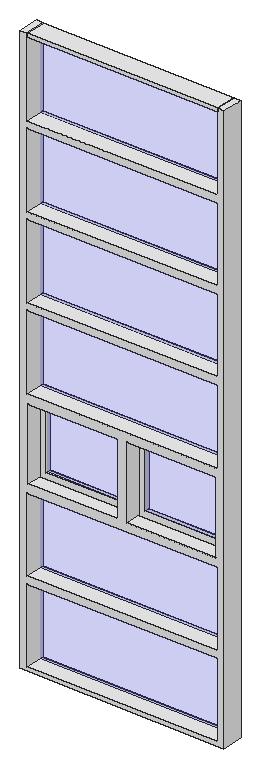
Revit family
Parameters
  창 패널 = ACW1 창 패널
  창 프레임 = ACW1 창 프레임
  Height = 4200 mm
  기본 씰 높이 = 0 mm
  Wall Closure = (empty or 0)
  Width = 1500 mm
  창 두께 = 150 mm
Reference planes
  plane 1: y = 0
  plane 2 "중심(왼쪽/오른쪽)": x = 0
  plane 3 "왼쪽": x = -750
  plane 4 "오른쪽": x = 750
  plane 5 "씰": z = 0
  plane 6 "헤드": z = 4200
  plane 7 "외부": y = 100
  plane 8 "내부": y = -100
  plane 9: z = 3600
  plane 10: z = 3000
  plane 11: z = 2400
  plane 12: z = 1800
  plane 13: z = 1200
  plane 14: z = 600
  plane 15: y = -75
  plane 16: y = 75
  plane 17: y = 66
  plane 18: y = 44
  plane 19: y = 35
  plane 20: x = -700
  plane 21: x = 700
  plane 22: z = 575
  plane 23: z = 625
  plane 24: z = 1175
  plane 25: z = 1225
  plane 26: z = 1775
  plane 27: z = 1825
  plane 28: z = 2375
  plane 29: z = 2425
  plane 30: z = 3025
  plane 31: z = 2975
  plane 32: z = 3575
  plane 33: z = 3625
  plane 34: z = 25
  plane 35: z = 4175
  plane 36: x = -25
  plane 37: x = 25
  plane 38: x = 362.5
  plane 39: x = -362.5
Forms (mm)
  Extrusion 1, solid, material "ACW1 창 프레임" <- "창 프레임"
    sketch origin (-2165.69, 265, 1175) x (0, 1, 0) y (1, 0, 0)
      loop
        line (-190, 2865.69) -> (-340, 2865.69) -> (-340, 1465.69) -> (-190, 1465.69) -> (-190, 2865.69)
    from 0 to -50
  Extrusion 2, solid, material "ACW1 창 프레임" <- "창 프레임"
    sketch origin (-2165.69, 265, 575) x (0, 1, 0) y (1, 0, 0)
      loop
        line (-190, 2865.69) -> (-340, 2865.69) -> (-340, 1465.69) -> (-190, 1465.69) -> (-190, 2865.69)
    from 0 to -50
  Extrusion 3, solid, material "ACW1 창 프레임" <- "창 프레임"
    sketch origin (-2165.69, 265, 1775) x (0, 1, 0) y (1, 0, 0)
      loop
        line (-190, 2865.69) -> (-340, 2865.69) -> (-340, 1465.69) -> (-190, 1465.69) -> (-190, 2865.69)
    from 0 to -50
  Extrusion 4, solid, material "ACW1 창 프레임" <- "창 프레임"
    sketch origin (-2165.69, 265, 2375) x (0, 1, 0) y (1, 0, 0)
      loop
        line (-190, 2865.69) -> (-340, 2865.69) -> (-340, 1465.69) -> (-190, 1465.69) -> (-190, 2865.69)
    from 0 to -50
  Extrusion 5, solid, material "ACW1 창 프레임" <- "창 프레임"
    sketch origin (-2165.69, 265, 2975) x (0, 1, 0) y (1, 0, 0)
      loop
        line (-190, 2865.69) -> (-340, 2865.69) -> (-340, 1465.69) -> (-190, 1465.69) -> (-190, 2865.69)
    from 0 to -50
  Extrusion 6, solid, material "ACW1 창 프레임" <- "창 프레임"
    sketch origin (-2165.69, 265, 3575) x (0, 1, 0) y (1, 0, 0)
      loop
        line (-190, 2865.69) -> (-340, 2865.69) -> (-340, 1465.69) -> (-190, 1465.69) -> (-190, 2865.69)
    from 0 to -50
  Extrusion 7, solid, material "ACW1 창 패널" <- "창 패널"
    sketch origin (0, 0, 0) x (1, 0, 0) y (0, 1, 0)
      loop
        line (-700, 66) -> (-700, 44) -> (700, 44) -> (700, 66) -> (-700, 66)
    from 25 to 575
  Extrusion 8, solid, material "ACW1 창 패널" <- "창 패널"
    sketch origin (0, 0, 575) x (1, 0, 0) y (0, 1, 0)
      loop
        line (-700, 66) -> (-700, 44) -> (700, 44) -> (700, 66) -> (-700, 66)
    from 50 to 600
  Extrusion 9, solid, material "ACW1 창 패널" <- "창 패널"
    sketch origin (0, 0, 1775) x (1, 0, 0) y (0, 1, 0)
      loop
        line (-700, 66) -> (-700, 44) -> (700, 44) -> (700, 66) -> (-700, 66)
    from 50 to 600
  Extrusion 10, solid, material "ACW1 창 패널" <- "창 패널"
    sketch origin (0, 0, 2375) x (1, 0, 0) y (0, 1, 0)
      loop
        line (-700, 66) -> (-700, 44) -> (700, 44) -> (700, 66) -> (-700, 66)
    from 50 to 600
  Extrusion 11, solid, material "ACW1 창 패널" <- "창 패널"
    sketch origin (0, 0, 2975) x (1, 0, 0) y (0, 1, 0)
      loop
        line (-700, 66) -> (-700, 44) -> (700, 44) -> (700, 66) -> (-700, 66)
    from 50 to 600
  Extrusion 12, solid, material "ACW1 창 패널" <- "창 패널"
    sketch origin (0, 0, 3575) x (1, 0, 0) y (0, 1, 0)
      loop
        line (-700, 66) -> (-700, 44) -> (700, 44) -> (700, 66) -> (-700, 66)
    from 50 to 600
  Extrusion 13, solid, material "ACW1 창 프레임" <- "창 프레임"
    sketch origin (0, 0, 0) x (1, 0, 0) y (0, 1, 0)
      loop
        line (-750, 75) -> (-750, -75) -> (-700, -75) -> (-700, 75) -> (-750, 75)
      loop
        line (700, 75) -> (700, -75) -> (750, -75) -> (750, 75) -> (700, 75)
    from 0 to 4200
  Extrusion 14, solid, material "ACW1 창 프레임" <- "창 프레임"
    sketch origin (-2165.69, 265, 0) x (0, 1, 0) y (1, 0, 0)
      loop
        line (-190, 2865.69) -> (-340, 2865.69) -> (-340, 1465.69) -> (-190, 1465.69) -> (-190, 2865.69)
    from 0 to -25
  Extrusion 15, solid, material "ACW1 창 프레임" <- "창 프레임"
    sketch origin (-2165.69, 265, 5050) x (0, 1, 0) y (1, 0, 0)
      loop
        line (-190, 2865.69) -> (-340, 2865.69) -> (-340, 1465.69) -> (-190, 1465.69) -> (-190, 2865.69)
    from 875 to 850
  Extrusion 16, solid, material "ACW1 창 프레임" <- "창 프레임"
    sketch origin (-2165.69, 265, 1225) x (0, 1, 0) y (1, 0, 0)
      loop
        line (-190, 2140.69) -> (-190, 2190.69) -> (-340, 2190.69) -> (-340, 2140.69) -> (-190, 2140.69)
    from 0 to -550
  Sweep 17, solid, material "ACW1 창 프레임" <- "창 프레임"
    path origin (-700, 75, 0) x (1, 0, 0) y (0, 0, -1)
      loop
        line (675, -1775) -> (675, -1225) -> (0, -1225) -> (0, -1775) -> (675, -1775)
    profile origin (-362.5, 75, 1775) x (0, 0, 1) y (0, 1, 0)
      loop
        line (0, 0) -> (-50, 0) -> (-50, -40) -> (0, -40) -> (0, 0)
  Sweep 18, solid, material "ACW1 창 프레임" <- "창 프레임"
    path origin (-721.429, 75, 0) x (1, 0, 0) y (0, 0, -1)
      loop
        line (1421.429, -1775) -> (1421.429, -1225) -> (746.429, -1225) -> (746.429, -1775) -> (1421.429, -1775)
    profile origin (362.5, 75, 1775) x (0, 0, 1) y (0, 1, 0)
      loop
        line (0, 0) -> (-50, 0) -> (-50, -40) -> (0, -40) -> (0, 0)
  Extrusion 19, solid, material "ACW1 창 패널" <- "창 패널"
    sketch origin (-2165.69, 265, 1225) x (0, 1, 0) y (1, 0, 0)
      loop
        line (-199, 1515.69) -> (-199, 2090.69) -> (-221, 2090.69) -> (-221, 1515.69) -> (-199, 1515.69)
      loop
        line (-199, 2240.69) -> (-199, 2815.69) -> (-221, 2815.69) -> (-221, 2240.69) -> (-199, 2240.69)
    from -50 to -500
  Sweep 20, solid, material "ACW1 창 프레임" <- "창 프레임"
    path origin (-25, 35, 1775) x (-1, 0, 0) y (0, 0, -1)
      loop
        line (0, 0) -> (675, 0) -> (675, 550) -> (0, 550) -> (0, 0)
    profile origin (-362.5, 35, 1775) x (0, 0, -1) y (0, -1, 0)
      loop
        line (0, 0) -> (9.997, 0) -> (9.997, 110) -> (0, 110) -> (0, 0)
  Sweep 21, solid, material "ACW1 창 프레임" <- "창 프레임"
    path origin (700, 35, 1775) x (-1, 0, 0) y (0, 0, -1)
      loop
        line (0, 0) -> (675, 0) -> (675, 550) -> (0, 550) -> (0, 0)
    profile origin (362.5, 35, 1775) x (0, 0, -1) y (0, -1, 0)
      loop
        line (0, 0) -> (9.997, 0) -> (9.997, 110) -> (0, 110) -> (0, 0)
Cuts and joins
  joined: Extrusion 1, Extrusion 2, Extrusion 3, Extrusion 4, Extrusion 5, Extrusion 6, Extrusion 13, Extrusion 14, Extrusion 16, Sweep 20, Sweep 21
Lines and regions (mm)
  Opening 1
    outline origin (3500, -100, 0) x (1, 0, 0) y (0, 0, 1)
      loop
        line (-2750, 0) -> (-2750, 4200) -> (-4250, 4200) -> (-4250, 0) -> (-2750, 0)
  symbolic lines, style "입면도 스윙"
    curve 1: line (362.5, 35, 1775) -> (700, 35, 1225)
    curve 2: line (362.5, 35, 1775) -> (25, 35, 1225)
    curve 3: line (-362.5, 35, 1775) -> (-25, 35, 1225)
    curve 4: line (-362.5, 35, 1775) -> (-700, 35, 1225)
Text (mm)
  text "외부" at (-1963.203, 1332.353, 0), in view "참조 레벨"
  text "내부" at (-1981.466, -818.386, 0), in view "참조 레벨"
  text "외부" at (0, 923.751, 2943.296), in view "오른쪽"
  text "외부" at (0, 1040.484, 2685.409), in view "왼쪽"
Dimensions and locks
  equal spacing: plane 3 "왼쪽", plane 2 "중심(왼쪽/오른쪽)", plane 4 "오른쪽"
  "Width": plane 3 "왼쪽" to plane 4 "오른쪽"
  "Height": plane 5 "씰" to plane 6 "헤드"
  "기본 씰 높이": plane 5 "씰" to level
  locked: plane 7 "외부" to host wall at 0
  locked: plane 8 "내부" to host wall
  equal spacing: level, plane 14, plane 13, plane 12, plane 11, plane 10, plane 9, plane 6 "헤드"
  "창 두께": plane 16 to plane 15
  equal spacing: plane 16, plane 1, plane 15
  plane 16 to plane 17 to plane 18 to plane 19 = 9 mm locked, 22 mm locked, 9 mm locked
  locked: plane 3 "왼쪽" to plane 20 at 50
  locked: plane 21 to plane 4 "오른쪽" at 50
  locked: plane 35 to plane 6 "헤드" at 25
  plane 36 to plane 2 "중심(왼쪽/오른쪽)" to plane 37 = 25 mm locked, 25 mm locked
  locked: cut or joined group 1 (Extrusion 1, Extrusion 2, Extrusion 3, Extrusion 4, Extrusion 5, Extrusion 6, Extrusion 13, Extrusion 14, Extrusion 16, Sweep 20, Sweep 21) to Sweep 17 sketch curve at 50
  locked: plane 5 "씰" to plane 34 at 25
  plane 32 to plane 9 to plane 33 = 25 mm locked, 25 mm locked
  plane 31 to plane 10 to plane 30 = 25 mm locked, 25 mm locked
  plane 28 to plane 11 to plane 29 = 25 mm locked, 25 mm locked
  plane 26 to plane 12 to plane 27 = 25 mm locked, 25 mm locked
  plane 24 to plane 13 to plane 25 = 25 mm locked, 25 mm locked
  plane 22 to plane 14 to plane 23 = 25 mm locked, 25 mm locked
  equal spacing: plane 21, plane 38, plane 37
  equal spacing: plane 36, plane 39, plane 20
  aligned and locked: Extrusion 7 to plane 22
  aligned and locked: Extrusion 8 to plane 24
  aligned and locked: plane 3 "왼쪽" to Extrusion 13 sketch curve
  aligned and locked: Extrusion 13 sketch curve to plane 16
  aligned and locked: plane 15 to Extrusion 13 sketch curve
  aligned and locked: plane 4 "오른쪽" to Extrusion 13 sketch curve
  aligned and locked: plane 35 to Extrusion 15
  aligned and locked: plane 36 to Extrusion 16 sketch curve
  aligned and locked: plane 16 to Extrusion 16 sketch curve
  aligned and locked: plane 15 to Extrusion 16 sketch curve
  aligned and locked: plane 37 to Extrusion 16 sketch curve
  aligned and locked: Extrusion 16 to plane 26
  aligned and locked: Sweep 17 sketch curve to Extrusion 16
  aligned and locked: Extrusion 16 to Sweep 17 sketch curve
  aligned and locked: cut or joined group 1 to Sweep 17 sketch curve  (x2)
  aligned and locked: Sweep 17 sketch curve to cut or joined group 1
  aligned and locked: Sweep 18 sketch curve to cut or joined group 1  (x2)
  aligned and locked: Sweep 18 sketch curve to Sweep 17  (x2)
  aligned and locked: Extrusion 19 sketch curve to Sweep 17  (x2)
  aligned and locked: plane 17 to Extrusion 19 sketch curve  (x2)
  aligned and locked: plane 18 to Extrusion 19 sketch curve  (x2)
  aligned and locked: Extrusion 19 sketch curve to Sweep 18
  aligned and locked: Sweep 17 to Extrusion 19
  aligned and locked: Extrusion 12 to plane 35
  aligned and locked: Extrusion 15 to plane 6 "헤드"
  aligned and locked: cut or joined group 1 to plane 6 "헤드"
  aligned and locked: plane 34 to Extrusion 14
  aligned and locked: plane 5 "씰" to Extrusion 14
  aligned and locked: plane 5 "씰" to cut or joined group 1
  aligned and locked: Extrusion 7 to plane 34
  aligned and locked: cut or joined group 1 to plane 33
  aligned and locked: plane 32 to Extrusion 6
  aligned and locked: plane 33 to Extrusion 12
  aligned and locked: Extrusion 11 to plane 32
  aligned and locked: Extrusion 5 to plane 30
  aligned and locked: plane 30 to Extrusion 11
  aligned and locked: plane 31 to Extrusion 5
  aligned and locked: Extrusion 10 to plane 31
  aligned and locked: Extrusion 4 to plane 29
  aligned and locked: plane 29 to Extrusion 10
  aligned and locked: plane 28 to Extrusion 4
  aligned and locked: Extrusion 9 to plane 28
  aligned and locked: Extrusion 3 to plane 27
  aligned and locked: plane 27 to Extrusion 9
  aligned and locked: Extrusion 2 to plane 23
  aligned and locked: plane 22 to Extrusion 2
  aligned and locked: plane 23 to Extrusion 8
  aligned and locked: Extrusion 19 to Sweep 17
  aligned and locked: Extrusion 1 to plane 25
  aligned and locked: plane 24 to Extrusion 1
  aligned and locked: plane 21 to Sweep 21 sketch curve
  aligned and locked: Sweep 21 sketch curve to plane 25
  aligned and locked: Sweep 18 sketch curve to plane 25
  aligned and locked: plane 26 to Sweep 18 sketch curve
  aligned and locked: plane 37 to Sweep 18 sketch curve
  aligned and locked: plane 21 to Sweep 18 sketch curve
  aligned and locked: Sweep 20 sketch curve to plane 36
  aligned and locked: plane 26 to Sweep 20 sketch curve
  aligned and locked: Sweep 20 sketch curve to plane 20
  aligned and locked: Sweep 20 sketch curve to plane 25
  aligned and locked: plane 26 to Extrusion 3
  aligned and locked: Extrusion 19 to Sweep 18
  aligned and locked: plane 38 to curve 2
  aligned and locked: plane 21 to curve 1
  aligned and locked: plane 25 to curve 1
  aligned and locked: plane 26 to curve 2
  aligned and locked: plane 37 to curve 2
  aligned and locked: plane 25 to curve 2
  aligned and locked: plane 39 to curve 3
  aligned and locked: plane 26 to curve 4
  aligned and locked: plane 25 to curve 4
  aligned and locked: plane 25 to curve 3
  aligned and locked: plane 36 to curve 3
  aligned and locked: plane 20 to curve 4
  aligned and locked: plane 6 "헤드" to Opening 1 sketch curve
  aligned and locked: plane 5 "씰" to Opening 1 sketch curve
  aligned and locked: plane 3 "왼쪽" to Opening 1 sketch curve
  aligned and locked: plane 4 "오른쪽" to Opening 1 sketch curve
Automatic sketch dimensions
  Extrusion 1 sketch curve to plane 15 = 0 mm
  Extrusion 1 sketch curve to plane 16 = 0 mm
  Extrusion 1 sketch curve to plane 21 = 0 mm
  Extrusion 1 sketch curve to plane 20 = 0 mm
  Extrusion 2 sketch curve to plane 15 = 0 mm
  Extrusion 2 sketch curve to plane 16 = 0 mm
  Extrusion 2 sketch curve to plane 21 = 0 mm
  Extrusion 2 sketch curve to plane 20 = 0 mm
  Extrusion 3 sketch curve to plane 15 = 0 mm
  Extrusion 3 sketch curve to plane 16 = 0 mm
  Extrusion 3 sketch curve to plane 21 = 0 mm
  Extrusion 3 sketch curve to plane 20 = 0 mm
  Extrusion 4 sketch curve to plane 15 = 0 mm
  Extrusion 4 sketch curve to plane 16 = 0 mm
  Extrusion 4 sketch curve to plane 21 = 0 mm
  Extrusion 4 sketch curve to plane 20 = 0 mm
  Extrusion 5 sketch curve to plane 15 = 0 mm
  Extrusion 5 sketch curve to plane 16 = 0 mm
  Extrusion 5 sketch curve to plane 21 = 0 mm
  Extrusion 5 sketch curve to plane 20 = 0 mm
  Extrusion 6 sketch curve to plane 15 = 0 mm
  Extrusion 6 sketch curve to plane 16 = 0 mm
  Extrusion 6 sketch curve to plane 21 = 0 mm
  Extrusion 6 sketch curve to plane 20 = 0 mm
  Extrusion 7 sketch curve to plane 18 = 0 mm
  Extrusion 7 sketch curve to plane 20 = 0 mm
  Extrusion 7 sketch curve to plane 21 = 0 mm
  Extrusion 7 sketch curve to plane 17 = 0 mm
  Extrusion 8 sketch curve to plane 18 = 0 mm
  Extrusion 8 sketch curve to plane 20 = 0 mm
  Extrusion 8 sketch curve to plane 21 = 0 mm
  Extrusion 8 sketch curve to plane 17 = 0 mm
  Extrusion 9 sketch curve to plane 18 = 0 mm
  Extrusion 9 sketch curve to plane 20 = 0 mm
  Extrusion 9 sketch curve to plane 21 = 0 mm
  Extrusion 9 sketch curve to plane 17 = 0 mm
  Extrusion 10 sketch curve to plane 18 = 0 mm
  Extrusion 10 sketch curve to plane 20 = 0 mm
  Extrusion 10 sketch curve to plane 21 = 0 mm
  Extrusion 10 sketch curve to plane 17 = 0 mm
  Extrusion 11 sketch curve to plane 18 = 0 mm
  Extrusion 11 sketch curve to plane 20 = 0 mm
  Extrusion 11 sketch curve to plane 21 = 0 mm
  Extrusion 11 sketch curve to plane 17 = 0 mm
  Extrusion 12 sketch curve to plane 18 = 0 mm
  Extrusion 12 sketch curve to plane 20 = 0 mm
  Extrusion 12 sketch curve to plane 21 = 0 mm
  Extrusion 12 sketch curve to plane 17 = 0 mm
  Extrusion 14 sketch curve to plane 15 = 0 mm
  Extrusion 14 sketch curve to plane 16 = 0 mm
  Extrusion 14 sketch curve to plane 21 = 0 mm
  Extrusion 14 sketch curve to plane 20 = 0 mm
  Extrusion 15 sketch curve to plane 15 = 0 mm
  Extrusion 15 sketch curve to plane 16 = 0 mm
  Extrusion 15 sketch curve to plane 21 = 0 mm
  Extrusion 15 sketch curve to plane 20 = 0 mm
  Extrusion 13 sketch curve to plane 15 = 0 mm
  Extrusion 13 sketch curve to plane 20 = 0 mm
  Extrusion 13 sketch curve to plane 16 = 0 mm
  Extrusion 13 sketch curve to plane 21 = 0 mm
  Sweep 17 sketch curve to profile plane = 0 mm
  Sweep 17 sketch curve to profile plane = 40 mm
  Sweep 20 sketch curve to profile plane = 0 mm  (x2)
  Sweep 20 sketch curve to profile plane = 9.997 mm
  profile plane to Sweep 20 sketch curve = 110 mm
  Sweep 21 sketch curve to Sweep 18 = 0 mm  (x2)
  Sweep 21 sketch curve to profile plane = 0 mm  (x2)
  Sweep 21 sketch curve to profile plane = 9.997 mm
  profile plane to Sweep 21 sketch curve = 110 mm
  plane 21 to Extrusion 19 sketch curve = 50 mm
